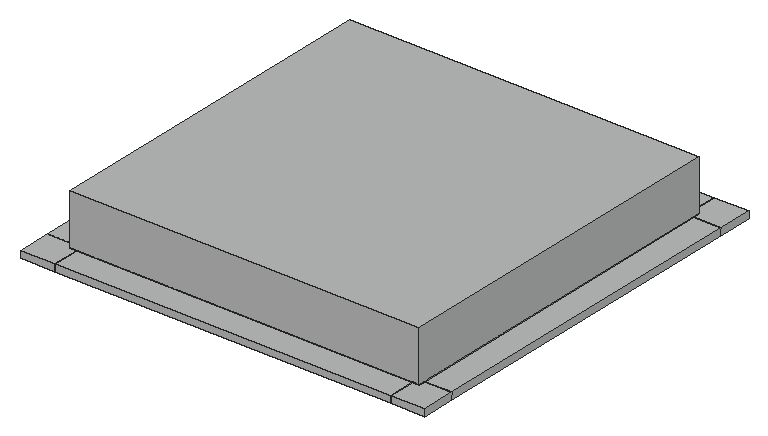
Revit family "ALUMOGIPS", category Осветительные приборы, Revit 2019 (continued)
Types (72, lengths in mm): name | Файл фотометрической сетки | built-in parameter 1150105 | Lumens | built-in parameter 1150106 | built-in parameter 1150142 | Wattage | Emit from Rectangle Width | Emit from Rectangle Length | Длина | Материал светильника | Ширина | ADSK_Ток | ADSK_Полная мощность | ADSK_Обозначение | ADSK_Номинальная мощность | ADSK_Наименование | ADSK_Масса | ADSK_Код изделия
    647 2.549 2.450 2.352 2.254 2.157 2.157 2.059 1.960 1.862 \r\n1.764 1.667 1.569 1.569 1.470 1.372 1.274 1.177 1.078 0.980 0.882 0.882 0.784 0.687 0.588 0.490 0.392 0.294 0.294 0.196 0.098 0.000 \r\n2755.907 2756.592 2751.104 2743.850 2728.264 2709.934 2687.389 2658.864 2627.007 2589.170 2545.942 2500.459 2452.036 2399.790 2343.035 2283.438 2222.565 2156.008 \r\n2088.079 2017.796 1945.750 1871.350 1794.794 1716.867 1637.076 1555.619 1473.182 1389.372 1303.113 1214.892 1128.633 1041.687 954.446 867.402 780.260 694.294 608.917 525.205 \r\n444.042 365.625 291.029 220.453 153.209 92.730 38.621 3.823 3.725 3.627 3.529 3.431 3.431 3.332 3.234 3.137 3.039 2.941 2.842 2.744 2.744 2.647 2.549 2.450 2.352 2.254 2.157 2.157 2.059 1.960 1.862 \r\n1.764 1.667 1.569 1.569 1.470 1.372 1.274 1.177 1.078 0.980 0.882 0.882 0.784 0.687 0.588 0.490 0.392 0.294 0.294 0.196 0.098 0.000 \r\n2755.907 2756.789 2751.201 2744.046 2728.558 2710.326 2687.879 2659.354 2627.693 2589.856 2546.629 2501.244 2452.820 2400.672 2343.917 2284.320 2223.545 2156.890 \r\n2089.059 2018.776 1946.730 1872.330 1795.774 1717.847 1638.056 1556.501 1474.064 1390.255 1304.093 1215.677 1129.417 1042.373 955.133 867.991 780.750 694.686 609.309 525.499 \r\n444.337 365.820 291.128 220.551 153.308 92.730 38.719 3.823 3.725 3.627 3.529 3.431 3.431 3.332 3.234 3.137 3.039 2.941 2.842 2.842 2.744 2.647 2.549 2.450 2.352 2.254 2.157 2.157 2.059 1.960 1.862 \r\n1.764 1.667 1.569 1.569 1.470 1.372 1.274 1.177 1.078 0.980 0.980 0.882 0.784 0.687 0.588 0.490 0.392 0.294 0.294 0.196 0.098 0.000 \r\n2755.907 2756.887 2751.398 2744.340 2728.852 2710.718 2688.466 2659.943 2628.281 2590.542 2547.314 2501.930 2453.605 2401.554 2344.799 2285.201 2224.525 2157.870 \r\n2090.039 2019.756 1947.710 1873.310 1796.853 1718.827 1638.939 1557.481 1474.946 1391.137 1304.975 1216.559 1130.201 1043.157 955.720 868.481 781.240 695.176 609.701 525.794 \r\n444.631 366.016 291.323 220.649 153.406 92.827 38.719 3.823 3.725 3.627 3.529 3.431 3.431 3.332 3.234 3.137 3.039 2.941 2.842 2.842 2.744 2.647 2.549 2.450 2.352 2.254 2.157 2.157 2.059 1.960 1.862 \r\n1.764 1.667 1.569 1.569 1.470 1.372 1.274 1.177 1.078 0.980 0.980 0.882 0.784 0.687 0.588 0.490 0.392 0.294 0.294 0.196 0.098 0.000 \r\n2755.907 2756.985 2751.496 2744.634 2729.244 2711.110 2688.957 2660.531 2628.967 2591.228 2548.001 2502.616 2454.389 2402.339 2345.682 2286.084 2225.506 2158.850 \r\n2091.019 2020.737 1948.690 1874.290 1797.833 1719.807 1639.919 1558.364 1475.926 1392.019 1305.955 1217.343 1130.887 1043.843 956.407 869.069 781.730 695.568 610.093 526.185 \r\n444.827 366.213 291.519 220.747 153.406 92.925 38.817 3.823 3.725 3.627 3.529 3.431 3.431 3.332 3.234 3.137 3.039 2.941 2.842 2.842 2.744 2.647 2.549 2.450 2.352 2.254 2.254 2.157 2.059 1.960 1.862 \r\n1.764 1.667 1.569 1.569 1.470 1.372 1.274 1.177 1.078 0.980 0.980 0.882 0.784 0.687 0.588 0.490 0.392 0.294 0.294 0.196 0.098 0.000 \r\n2755.907 2757.083 2751.594 2744.830 2729.539 2711.502 2689.545 2661.021 2629.654 2591.915 2548.687 2503.401 2455.271 2403.221 2346.564 2286.966 2226.486 2159.733 \r\n2091.999 2021.619 1949.769 1875.369 1798.813 1720.787 1640.899 1559.344 1476.809 1392.804 1306.837 1218.128 1131.672 1044.529 957.093 869.656 782.319 696.058 610.485 526.479 \r\n445.121 366.408 291.618 220.845 153.503 92.925 38.915 3.823 3.725 3.627 3.529 3.529 3.431 3.332 3.234 3.137 3.039 2.941 2.842 2.842 2.744 2.647 2.549 2.450 2.352 2.254 2.254 2.157 2.059 1.960 1.862 \r\n1.764 1.667 1.569 1.569 1.470 1.372 1.274 1.177 1.078 0.980 0.980 0.882 0.784 0.687 0.588 0.490 0.392 0.294 0.294 0.196 0.098 0.000 \r\n2755.907 2757.180 2751.691 2745.124 2729.832 2711.992 2690.035 2661.608 2630.339 2592.601 2549.373 2504.086 2456.055 2404.103 2347.348 2287.848 2227.466 2160.713 \r\n2092.980 2022.599 1950.749 1876.349 1799.793 1721.768 1641.879 1560.226 1477.691 1393.686 1307.720 1219.010 1132.456 1045.215 957.681 870.245 782.809 696.548 610.877 526.774 \r\n445.414 366.605 291.813 220.943 153.601 93.024 38.915 3.823 3.725 3.627 3.529 3.529 3.431 3.332 3.234 3.137 3.039 2.941 2.842 2.842 2.744 2.647 2.549 2.450 2.352 2.254 2.254 2.157 2.059 1.960 1.862 \r\n1.764 1.667 1.569 1.569 1.470 1.372 1.274 1.177 1.078 0.980 0.980 0.882 0.784 0.687 0.588 0.490 0.392 0.294 0.294 0.196 0.098 0.000 \r\n2755.907 2757.279 2751.789 2745.418 2730.127 2712.384 2690.525 2662.197 2631.026 2593.287 2550.059 2504.871 2456.839 2404.985 2348.231 2288.730 2228.446 2161.694 \r\n2093.960 2023.579 1951.729 1877.329 1800.774 1722.846 1642.860 1561.207 1478.672 1394.568 1308.701 1219.793 1133.142 1046.000 958.367 870.833 783.299 696.941 611.269 527.067 \r\n445.709 366.800 292.010 221.041 153.700 93.024 39.013 3.823 3.725 3.627 3.529 3.529 3.431 3.332 3.234 3.137 3.039 2.941 2.941 2.842 2.744 2.647 2.549 2.450 2.352 2.254 2.254 2.157 2.059 1.960 1.862 \r\n1.764 1.667 1.569 1.569 1.470 1.372 1.274 1.177 1.078 0.980 0.980 0.882 0.784 0.687 0.588 0.490 0.392 0.294 0.294 0.196 0.098 0.000 \r\n2755.907 2757.475 2751.986 2745.615 2730.420 2712.777 2691.113 2662.785 2631.614 2593.973 2550.648 2505.556 2457.624 2405.770 2349.113 2289.612 2229.426 2162.576 \r\n2094.842 2024.559 1952.709 1878.309 1801.754 1723.826 1643.742 1562.089 1479.554 1395.450 1309.583 1220.578 1133.926 1046.685 958.956 871.421 783.789 697.431 611.661 527.459 \r\n445.905 366.997 292.108 221.237 153.798 93.122 39.013 3.823 3.725 3.627 3.529 3.529 3.431 3.332 3.234 3.137 3.039 2.941 2.941 2.842 2.744 2.647 2.549 2.450 2.352 2.254 2.254 2.157 2.059 1.960 1.862 \r\n1.764 1.667 1.667 1.569 1.470 1.372 1.274 1.177 1.078 0.980 0.980 0.882 0.784 0.687 0.588 0.490 0.392 0.294 0.294 0.196 0.098 0.000 \r\n2755.907 2757.573 2752.084 2745.908 2730.715 2713.169 2691.603 2663.275 2632.300 2594.659 2551.333 2506.341 2458.408 2406.652 2349.995 2290.495 2230.407 2163.556 \r\n2095.822 2025.539 1953.788 1879.388 1802.734 1724.806 1644.722 1563.069 1480.436 1396.332 1310.465 1221.460 1134.711 1047.372 959.642 872.010 784.279 697.921 612.053 527.754 \r\n446.199 367.193 292.303 221.335 153.798 93.122 39.111 3.823 3.725 3.627 3.627 3.529 3.431 3.332 3.234 3.137 3.039 2.941 2.941 2.842 2.744 2.647 2.549 2.450 2.352 2.254 2.254 2.157 2.059 1.960 1.862 \r\n1.764 1.667 1.667 1.569 1.470 1.372 1.274 1.177 1.078 0.980 0.980 0.882 0.784 0.687 0.588 0.490 0.392 0.294 0.294 0.196 0.098 0.000 \r\n2755.907 2757.671 2752.181 2746.202 2731.009 2713.561 2692.094 2663.863 2632.986 2595.346 2552.020 2507.027 2459.192 2407.534 2350.877 2291.377 2231.387 2164.536 \r\n2096.802 2026.520 1954.768 1880.368 1803.714 1725.787 1645.702 1563.951 1481.416 1397.215 1311.445 1222.245 1135.396 1048.058 960.229 872.500 784.867 698.313 612.446 528.048 \r\n446.493 367.487 292.500 221.433 153.896 93.220 39.209 3.823 3.725 3.627 3.627 3.529 3.431 3.332 3.234 3.137 3.039 2.941 2.941 2.842 2.744 2.647 2.549 2.450 2.352 2.254 2.254 2.157 2.059 1.960 1.862 \r\n1.764 1.667 1.667 1.569 1.470 1.372 1.274 1.177 1.078 0.980 0.980 0.882 0.784 0.687 0.588 0.490 0.392 0.294 0.294 0.196 0.098 0.000 \r\n2755.907 2757.769 2752.279 2746.497 2731.302 2713.953 2692.682 2664.452 2633.673 2596.031 2552.705 2507.713 2459.976 2408.417 2351.759 2292.259 2232.368 2165.418 \r\n2097.782 2027.403 1955.748 1881.348 1804.694 1726.767 1646.682 1564.931 1482.299 1398.097 1312.327 1223.029 1136.181 1048.842 960.916 873.088 785.357 698.803 612.838 528.342 \r\n446.788 367.683 292.598 221.532 153.993 93.220 39.209 3.823 3.725 3.627 3.627 3.529 3.431 3.332 3.234 3.137 3.039 2.941 2.941 2.842 2.744 2.647 2.549 2.450 2.352 2.352 2.254 2.157 2.059 1.960 1.862 \r\n1.764 1.667 1.667 1.569 1.470 1.372 1.274 1.177 1.078 0.980 0.980 0.882 0.784 0.687 0.588 0.490 0.392 0.294 0.294 0.196 0.098 0.000 \r\n2755.907 2757.867 2752.378 2746.692 2731.695 2714.443 2693.172 2665.040 2634.358 2596.718 2553.392 2508.497 2460.760 2409.200 2352.642 2293.141 2233.348 2166.398 \r\n2098.763 2028.383 1956.728 1882.328 1805.773 1727.747 1647.662 1565.814 1483.181 1398.881 1313.307 1223.911 1136.965 1049.529 961.603 873.675 785.848 699.195 613.230 528.734 \r\n446.983 367.879 292.793 221.629 154.091 93.317 39.307 3.823 3.725 3.627 3.627 3.529 3.431 3.332 3.234 3.137 3.039 2.941 2.941 2.842 2.744 2.647 2.549 2.450 2.352 2.352 2.254 2.157 2.059 1.960 1.862 \r\n1.764 1.667 1.667 1.569 1.470 1.372 1.274 1.177 1.078 0.980 0.980 0.882 0.784 0.687 0.588 0.490 0.392 0.294 0.294 0.196 0.098 0.000 \r\n2755.907 2757.965 2752.574 2746.987 2731.989 2714.835 2693.662 2665.530 2635.045 2597.404 2554.078 2509.184 2461.545 2410.082 2353.524 2294.024 2234.328 2167.378 \r\n2099.743 2029.363 1957.708 1883.309 1806.753 1728.727 1648.643 1566.794 1484.161 1399.764 1314.190 1224.695 1137.651 1050.214 962.190 874.264 786.338 699.685 613.621 529.028 \r\n447.278 368.075 292.990 221.727 154.190 93.415 39.405 3.823 3.725 3.627 3.627 3.529 3.431 3.332 3.234 3.137 3.039 3.039 2.941 2.842 2.744 2.647 2.549 2.450 2.352 2.352 2.254 2.157 2.059 1.960 1.862 \r\n1.764 1.667 1.667 1.569 1.470 1.372 1.274 1.177 1.078 0.980 0.980 0.882 0.784 0.687 0.588 0.490 0.392 0.294 0.294 0.196 0.098 0.000 \r\n2755.907 2758.161 2752.671 2747.280 2732.283 2715.227 2694.250 2666.117 2635.633 2598.090 2554.764 2509.967 2462.329 2410.964 2354.406 2294.906 2235.309 2168.359 \r\n2100.625 2030.343 1958.787 1884.387 1807.733 1729.707 1649.525 1567.676 1485.043 1400.646 1315.072 1225.479 1138.435 1050.901 962.876 874.852 786.926 700.176 614.013 529.323 \r\n447.571 368.272 293.088 221.825 154.190 93.415 39.405 3.823 3.725 3.725 3.627 3.529 3.431 3.332 3.234 3.137 3.039 3.039 2.941 2.842 2.744 2.647 2.549 2.450 2.352 2.352 2.254 2.157 2.059 1.960 1.862 \r\n1.764 1.667 1.667 1.569 1.470 1.372 1.274 1.177 1.078 0.980 0.980 0.882 0.784 0.687 0.588 0.490 0.392 0.294 0.294 0.196 0.098 0.000 \r\n2755.907 2758.259 2752.770 2747.477 2732.577 2715.619 2694.741 2666.706 2636.319 2598.776 2555.352 2510.654 2463.113 2411.749 2355.190 2295.788 2236.289 2169.241 \r\n2101.605 2031.323 1959.767 1885.367 1808.713 1730.687 1650.505 1568.656 1485.925 1401.528 1316.052 1226.361 1139.219 1051.684 963.465 875.440 787.416 700.567 614.406 529.616 \r\n447.866 368.467 293.283 221.923 154.288 93.514 39.504 3.823 3.725 3.725 3.627 3.529 3.431 3.332 3.234 3.137 3.039 3.039 2.941 2.842 2.744 2.647 2.549 2.450 2.352 2.352 2.254 2.157 2.059 1.960 1.862 \r\n1.764 1.667 1.667 1.569 1.470 1.372 1.274 1.177 1.078 0.980 0.980 0.882 0.784 0.687 0.588 0.490 0.392 0.294 0.294 0.196 0.098 0.000 \r\n2755.907 2758.357 2752.868 2747.770 2732.871 2716.011 2695.329 2667.294 2637.005 2599.462 2556.039 2511.438 2463.897 2412.631 2356.072 2296.670 2237.269 2170.221 \r\n2102.585 2032.205 1960.747 1886.347 1809.694 1731.668 1651.485 1569.538 1486.905 1402.410 1316.934 1227.146 1139.905 1052.371 964.150 876.029 787.906 701.057 614.798 530.008 \r\n448.061 368.663 293.480 222.022 154.386 93.514 39.504 3.823 3.725 3.725 3.627 3.529 3.431 3.332 3.234 3.137 3.039 3.039 2.941 2.842 2.744 2.647 2.549 2.450 2.352 2.352 2.254 2.157 2.059 1.960 1.862 \r\n1.764 1.667 1.667 1.569 1.470 1.372 1.274 1.177 1.078 0.980 0.980 0.882 0.784 0.687 0.588 0.490 0.392 0.294 0.294 0.196 0.098 0.000 \r\n2755.907 2758.455 2753.064 2748.065 2733.166 2716.501 2695.819 2667.784 2637.692 2600.247 2556.724 2512.124 2464.681 2413.513 2356.954 2297.552 2238.249 2171.202 \r\n2103.565 2033.186 1961.727 1887.328 1810.674 1732.648 1652.465 1570.518 1487.788 1403.292 1317.816 1227.930 1140.689 1053.058 964.837 876.519 788.396 701.548 615.190 530.303 \r\n448.356 368.859 293.578 222.119 154.483 93.612 39.601 3.823 3.725 3.725 3.627 3.529 3.431 3.332 3.234 3.137 3.039 3.039 2.941 2.842 2.744 2.647 2.549 2.450 2.352 2.352 2.254 2.157 2.059 1.960 1.862 \r\n1.764 1.667 1.667 1.569 1.470 1.372 1.274 1.177 1.078 0.980 0.980 0.882 0.784 0.687 0.588 0.490 0.392 0.294 0.294 0.196 0.098 0.000 \r\n2755.907 2758.554 2753.161 2748.260 2733.459 2716.893 2696.309 2668.372 2638.377 2600.932 2557.411 2512.908 2465.466 2414.396 2357.836 2298.435 2239.229 2172.084 \r\n2104.547 2034.166 1962.708 1888.308 1811.654 1733.628 1653.446 1571.400 1488.670 1404.175 1318.796 1228.811 1141.474 1053.841 965.425 877.106 788.985 701.940 615.582 530.596 \r\n448.650 369.055 293.774 222.217 154.582 93.612 39.699 3.823 3.823 3.725 3.627 3.529 3.431 3.332 3.234 3.137 3.137 3.039 2.941 2.842 2.744 2.647 2.549 2.450 2.450 2.352 2.254 2.157 2.059 1.960 1.862 \r\n1.764 1.764 1.667 1.569 1.470 1.372 1.274 1.177 1.078 1.078 0.980 0.882 0.784 0.687 0.588 0.490 0.392 0.392 0.294 0.196 0.098 0.000 \r\n" | 51.164 W | 275 | 1175 | 1195 | RAL 9006 | 295 | 0.359168 A | 82.6087 VA | "Alumogips-76/opal-sand 295х1195 (IP54, 4000К, серый)" | 76 W | "Встраиваемый светодиодный светильник Alumogips-76/opal-sand 295х1195 (IP54, 4000К, серый)" | 2.5 | "ЦБ000007971"
